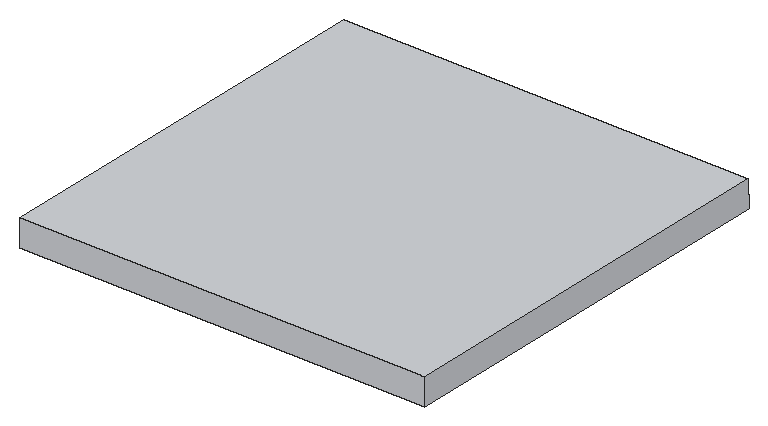
Revit family "3344_ TUPEX ELECTRIC_SOFT", category Lighting Fixtures, host Face, Revit 2016
Family settings
  Host = Face
  Part Type = Normal
  Round Connector Dimension = Use Diameter
  Cut with Voids When Loaded = No
  Light Source = Yes
  Shared = No
  Room Calculation Point = Yes
Parameters
  width = 600 mm
  volt = 220 V
  length = 600 mm
  depth = 20 mm
  Wattage = 32 W
  built-in parameter 1150110 = 1 (stored number, unit not read)
  built-in parameter 1114217 = 1 (stored number, unit not read)
  Tilt Angle = 60.00°
  built-in parameter 1150109 = 1 (stored number, unit not read)
  built-in parameter 1150134 = 3
  built-in parameter 1150113 = 1 (stored number, unit not read)
  Photometric Web File = "3344.IES"
  built-in parameter 1150105 = 219 (stored number, unit not read)
  Lumens = 2752 lm
  built-in parameter 1150115 = 1 (stored number, unit not read)
  built-in parameter 1150137 = (empty or 0)
  built-in parameter 1150139 = (empty or 0)
  built-in parameter 1150112 = 1 (stored number, unit not read)
  built-in parameter 1150114 = 1 (stored number, unit not read)
  built-in parameter 1150132 = (empty or 0)
  built-in parameter 1150102 = (empty or 0)
  built-in parameter 1150107 = 3200 (stored number, unit not read)
  built-in parameter 1150138 = (empty or 0)
  built-in parameter 1150106 = 2.19 (stored number, unit not read)
  built-in parameter 1150104 = 7.9897 (stored number, unit not read)
  Dimming Lamp Color Temperature Shift = (empty or 0)
  Default Elevation = 1219.2 mm
  Color Filter = 16777215
  built-in parameter 1114218 = 1 (stored number, unit not read)
  built-in parameter 1150133 = 10 (stored number, unit not read)
Reference planes
  plane 1 "Center (Front/Back)": y = 0
  plane 2: z = 0
  plane 3 "Center (Left/Right)": x = 0
  plane 4: x = 600
  plane 5: y = -600
  plane 6: z = 20
  plane 7: z = -20
  plane 8: y = -300
  plane 9: x = 300
Forms (mm)
  Extrusion 1, solid
    sketch origin (0, 0, 0) x (1, 0, 0) y (0, 0, 1)
      loop
        line (600, 20) -> (0, 20) -> (0, -20) -> (600, -20) -> (600, 20)
    from 0 to 600
Dimensions and locks
  "width": plane 3 "Center (Left/Right)" to plane 4
  "length": plane 5 to plane 1 "Center (Front/Back)"
  "depth": level to plane 6
  plane 7 to level = 20 mm
  aligned and locked: plane 2 to host face
  aligned and locked: level to host face
Automatic sketch dimensions
  host sketch curve to host sketch curve = 2438.4 mm  (x2)
  Extrusion 1 sketch curve to plane 6 = 0 mm
  Extrusion 1 sketch curve to plane 7 = 0 mm
  Extrusion 1 sketch curve to plane 3 "Center (Left/Right)" = 0 mm
  Extrusion 1 sketch curve to plane 4 = 0 mm
Connectors
  electrical at (300, -300, 20), driven by "volt"
    settings: on Extrusion 1, index 1, voltage 220 V, apparent load 0 VA, apparent load phase1 36 VA, apparent load phase2 0 VA, apparent load phase3 0 VA, power factor 1, load classification "Lighting", number of poles 1, system type 31, power factor state 1, is connector primary yes, connector utility no, sub classification motor no, connector description ""
